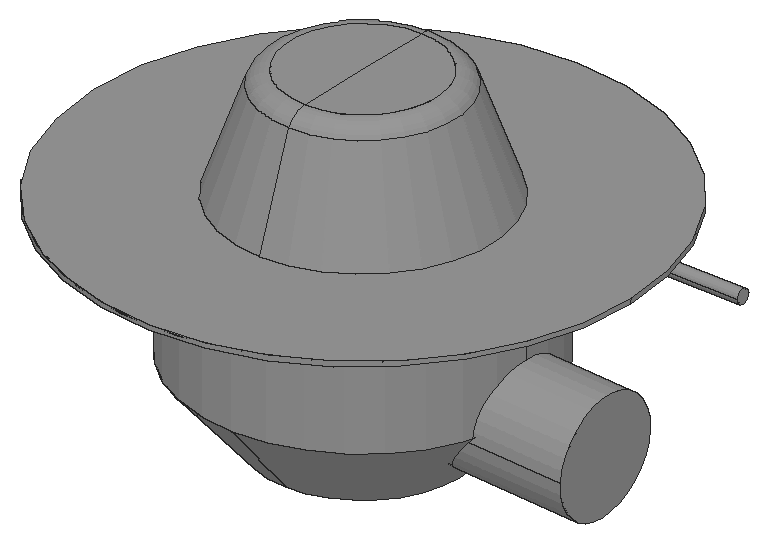
Revit family "HL_RU_Roof drain_HL64.1F-B-221103", category Sanitärinstallationen, Revit 2020
Family settings
  Bemaßung runder Anschluss = Durchmesser verwenden
  Teiletyp = Normal
  OmniClass-Nummer = 23.70.50.21.24.14
  OmniClass-Titel = Deck Waste Water Drains
  Arbeitsebenenbasiert = Nein
  Immer vertikal = Ja
  Beim Laden mit Abzugskörper schneiden = Nein
  Gemeinsam genutzt = Nein
  Raumberechnungspunkt = Ja
Parameters (values of type "HL_Кровельная воронка_HL64.1F_7")
  РЕШЁТКА = "Laubfangkorb d 145 mm"
  РАЗМЕР = "DN75"
  ПРОПУСКНАЯ СПОСОБНОСТЬ [instance] = 0.0 L/s
  ПРОИЗВОДИТЕЛЬНОСТЬ = "6,9l/s"
  ПРАВОВАЯ ИНФОРМАЦИЯ = "Авторские права(©), права на дизайн или какие либо другие права интелектуальной собственности являются исключительной собственностью компании HL Hutterer & Lechner. Изменению не подлежит. Файл семейства с данными о прозводителе изделия защищен паролем с водяным знаком."
  НОМИНАЛЬНЫЙ ДИАМЕТР = 75 mm
  МАТЕРИАЛ = "PP"
  ВЕС = "0,877 [kg]"
  Vorgabe-Ansicht = 0 mm
  Hersteller = "HL Hutterer & Lechner GmbH"  # constant formula
  URL = "http://www.hutterer-lechner.com/ru/products/catalog/roof-drains/HL64.1F/7.aspx"
  Материал плитка [instance] = none
  Lüftungsverbindung = no
  Abwasserrohrverbindung = yes
  HW-Verbindung = no
  KW-Verbindung = no
  Beschreibung = "Кровельные воронки"
  Model = "HL64.1F_7"
  Assembly Code = " "
  Typenkommentare = "HL64.1F/7 Кровельная воронка DN75, горизонтальный выпуск, с ПП_фланцем и электрообогревом (10_30W/230V),"
  Keynote = "HL64.1F_7"
  Bысота монтажа [instance] = 0 mm  # constant formula
  G [instance] = 90.00°  # constant formula
  EAN = "9003076031665"
  D [instance] = if(НОМИНАЛЬНЫЙ ДИАМЕТР = 75 mm, 162.8 mm, 178 mm)  # 162.8 mm
  C [instance] = if(Bысота монтажа - 68 mm < 0 mm, 0 mm, Bысота монтажа - 68 mm)  # 0 mm
  B [instance] = Bысота монтажа + if(НОМИНАЛЬНЫЙ ДИАМЕТР = 75 mm, 101 mm, 84 mm)  # 101 mm
  A [instance] = if(B - 100 mm > 15 mm, B - 100 mm, 15 mm)  # 15 mm
Types (3, lengths in mm): name | РАЗМЕР | ПРОИЗВОДИТЕЛЬНОСТЬ | НОМИНАЛЬНЫЙ ДИАМЕТР | ВЕС | URL | Model | Typenkommentare | Keynote | EAN | D | B
  (no name) | "DN75" | "6,9l/s" | 75 | "0,877 [kg]" | "http://www.hutterer-lechner.com/ru/products/catalog/roof-drains/HL64.1F/7.aspx" | "HL64.1F_7" | "HL64.1F/7 Кровельная воронка DN75, горизонтальный выпуск, с ПП_фланцем и электрообогревом (10_30W/230V)," | "HL64.1F_7" | "9003076031665" | 162.8 | 101
  HL_Кровельная воронка_HL64.1F_1 | "DN110" | "7,8l/s" | 110 | "0,988 [kg]" | "http://www.hutterer-lechner.com/ru/products/catalog/roof-drains/HL64.1F/1.aspx" | "HL64.1F_1" | "HL64.1F/1 Кровельная воронка DN110, горизонтальный выпуск, с ПП_фланцем и электрообогревом (10_30W/230V)," | "HL64.1F_1" | "9003076031641" | 178 | 84
  HL_Кровельная воронка_HL64.1F_7 | "DN75" | "6,9l/s" | 75 | "0,877 [kg]" | "http://www.hutterer-lechner.com/ru/products/catalog/roof-drains/HL64.1F/7.aspx" | "HL64.1F_7" | "HL64.1F/7 Кровельная воронка DN75, горизонтальный выпуск, с ПП_фланцем и электрообогревом (10_30W/230V)," | "HL64.1F_7" | "9003076031665" | 162.8 | 101
Reference planes
  plane 1 "Center (Front/Back)": y = 0
  plane 2: z = 0
  plane 3 "Center (Left/Right)": x = 0
  plane 4: z = -101
  plane 5: z = 0
Lines and regions (mm)
  model lines, style "InvisibleLines"
    curve 1: line (0, 0, 0) -> (0, 0, 20)
  model lines, style "PlumbingFixtures", detail levels coarse+medium
    curve 2: line (0, 0, -101) -> (0, 0, -86)
    curve 3: line (0, 0, -86) -> (-86, 0, 0)
    curve 4: line (0, 0, -86) -> (86, 0, 0)
    curve 6: line (0, 0, -101) -> (162.8, 0, -101)
  reference lines, not visible
    curve 5: line (0, 0, -101) -> (162.8, 0, -101)
  symbolic lines, style "PlumbingFixtures", detail levels coarse+medium
    curve 7: line (-75, 75, 0) -> (75, 75, 0)
    curve 8: line (-75, -75, 0) -> (-75, 75, 0)
    curve 9: line (75, -75, 0) -> (-75, -75, 0)
    curve 10: line (75, 75, 0) -> (75, -75, 0)
    curve 11: line (-75, 75, 0) -> (-145.711, 145.711, 0)
    curve 12: line (75, 75, 0) -> (145.711, 145.711, 0)
    curve 13: line (-75, -75, 0) -> (-145.711, -145.711, 0)
    curve 14: line (75, -75, 0) -> (145.711, -145.711, 0)
  symbolic lines, style "PlumbingFixtures", not visible, detail levels coarse+medium
    curve 15: line (-75, 75, 0) -> (75, 75, 0)
    curve 16: line (-75, -75, 0) -> (-75, 75, 0)
    curve 17: line (75, -75, 0) -> (-75, -75, 0)
    curve 18: line (75, 75, 0) -> (75, -75, 0)
    curve 19: line (-75, 75, 0) -> (-145.711, 145.711, 0)
    curve 20: line (75, 75, 0) -> (145.711, 145.711, 0)
    curve 21: line (-75, -75, 0) -> (-145.711, -145.711, 0)
    curve 22: line (75, -75, 0) -> (145.711, -145.711, 0)
Text (mm)
  text "FLOOR" at (-162.344, 0, -10.979), in view "Drain Construction View"
Dimensions and locks
  "B": plane 2 to plane 4
  "Bысота монтажа": plane 2 to plane 5
  "A": curve 4 to plane 4
  "D": curve 5 to curve 5
  "D": curve 6 to curve 6
  locked: curve 4 to plane 3 "Center (Left/Right)" (angle 45.00°)
  locked: plane 3 "Center (Left/Right)" to curve 3 (angle 45.00°)
  "G": angle curve 5 to plane 3 "Center (Left/Right)"
  aligned and locked: level to plane 2
  aligned and locked: plane 2 to curve 4
  aligned and locked: plane 2 to curve 3
  aligned and locked: plane 4 to curve 5
  aligned and locked: plane 3 "Center (Left/Right)" to curve 5
  aligned and locked: plane 4 to curve 2
  aligned and locked: plane 3 "Center (Left/Right)" to curve 6
  aligned and locked: plane 4 to curve 6
  aligned and locked: nested 1 to plane 5
  aligned and locked: plane 3 "Center (Left/Right)" to nested 1
  aligned and locked: plane 2 to nested 2
  aligned and locked: plane 3 "Center (Left/Right)" to nested 2
Automatic sketch dimensions
  curve 2 to plane 3 "Center (Left/Right)" = 0 mm
  curve 1 to plane 3 "Center (Left/Right)" = 0 mm
  curve 1 to level = 0 mm
  level to curve 1 = 20 mm
Nested families
  nested 1: "HL_кровельные воронки - корпус_HL64.1F" at (0, 0, 0.462), НОМИНАЛЬНЫЙ ДИАМЕТР <- "НОМИНАЛЬНЫЙ ДИАМЕТР", type "HL_кровельные воронки - корпус_HL64.1F"
    with НОМИНАЛЬНЫЙ ДИАМЕТР 75 mm, Q02 93.275 mm, Q 150 mm, L 163 mm, B 101.5 mm, A 93.5 mm
  nested 2: "HL_Вспомогательные материалы-Противопожарная защита_HL062.1E" at (0, 0, 0), type "HL_Вспомогательные материалы-Противопожарная защита_HL062.1E"
Connectors
  piping at (162.8, 0, -101), diameter 75, driven by "ПРОПУСКНАЯ СПОСОБНОСТЬ", driven by "НОМИНАЛЬНЫЙ ДИАМЕТР"
    settings: on curve 5, index 1, connector inside diameter 609.6 mm, connector length 0 mm, flow factor 0, pipe flow 0.0 L/s, pressure drop 0.0 Pa, fitting loss kfactor 0, connector angle 0.00°, fixture units 0, engagement length 0 mm, angle of deflection 0.00°, flow configuration 1, flow direction 2, fitting loss method 0, system type 16, joint type 0, gender type 0, connector reference index -1, connector utility 0, adjustable connector yes, is connector primary yes, connector description ""
Definition of nested family "HL_кровельные воронки - корпус_HL64.1F"
  Parameters (values of type "HL_кровельные воронки - корпус_HL64.1F")
    НОМИНАЛЬНЫЙ ДИАМЕТР [instance] = 110 mm
    Default Elevation = 0 mm
    Manufacturer = ""
    URL = ""
    Q02 [instance] = 93.275 mm
    Q [instance] = 150 mm
    Description = ""
    Model = ""
    L [instance] = if(НОМИНАЛЬНЫЙ ДИАМЕТР = 75 mm, 163 mm, if(НОМИНАЛЬНЫЙ ДИАМЕТР = 110 mm, 178 mm, 0 mm))  # 178 mm
    Type Comments = ""
    Cost = 0
    B [instance] = if(НОМИНАЛЬНЫЙ ДИАМЕТР = 75 mm, 101.5 mm, 84 mm)  # 84 mm
    A [instance] = if(НОМИНАЛЬНЫЙ ДИАМЕТР = 75 mm, 93.5 mm, 75 mm)  # 75 mm
  Reference planes
    plane 1 "Střed (vpředu/vzadu)": y = 0
    plane 2: z = 0
    plane 3 "Střed (vlevo/vpravo)": x = 0
  Forms (mm)
    Extrusion 1, solid, detail levels fine
      sketch origin (0.013, 0.012, 0) x (1, 0, 0) y (0, 1, 0)
        loop
          circle (0, 0) r 180
        loop
          circle (0, 0) r 78.913
      from -0.462 to -3.5
    Extrusion 2, solid, detail levels fine
      sketch origin (0.013, 0.012, -3.5) x (0, 1, 0) y (1, 0, 0)
        loop
          circle (0, 0) r 140
      from 0 to 18
    Extrusion 3, solid, detail levels fine
      sketch origin (0.013, 0.012, -21.5) x (-1, 0, 0) y (0, 1, 0)
        loop
          circle (0, 0) r 110
      from 0 to 73.906
    Blend 4, solid, detail levels fine
      base sketch origin (0.013, 0.012, -95.406) x (0, -1, 0) y (1, 0, 0)
        loop
          circle (0, 0) r 110
      top sketch origin (0.013, 0.012, -95.406) x (0, -1, 0) y (1, 0, 0)
        loop
          circle (0, 0) r 65
      from 0 to -53
    Revolve 5, void
      sketch origin (0.013, 0.012, 0) x (1, 0, 0) y (0, 0, 1)
        loop
          line (-78.913, 0) -> (-78.913, -16.281) -> (-74.694, -23.588) -> (-74.694, -24.914) -> (-75.511, -24.914) -> (-75.511, -30.304) -> (-64.679, -30.304) -> (-64.679, -32.804) -> (0, -32.804) -> (0, 0) -> (-78.913, 0)
        axis (0, 0) -> (0, -32.804)
      angle from 0 to 360
    Extrusion 6, solid, detail levels fine
      sketch origin (0, 0, 0) x (0, 1, 0) y (0, 0, 1)
        loop
          circle (70.204, -23.074) r 4.5
      from 55.926 to 199.171
    Extrusion 7, solid, detail levels fine
      sketch origin (179.265, 0, -54.515) x (0, -1, 0) y (-0.050562, 0, -0.998721)
        loop
          circle (0, 29.523) r 55
      from -0.044 to -100.795
  Cuts and joins
    Revolve 5 cuts Extrusion 1
    Revolve 5 cuts Extrusion 2
    Revolve 5 cuts Extrusion 3
  Lines and regions (mm)
    reference lines
      curve 1: line (0, 0, -75) -> (177.772, 0, -84)
  Dimensions and locks
    "B": plane 2 to curve 1
    "A": plane 2 to curve 1
    locked: curve 1 to plane 3 "Střed (vlevo/vpravo)" at 0
    "L": curve 1 to curve 1
    "НОМИНАЛЬНЫЙ ДИАМЕТР": diameter of Extrusion 7 sketch curve
    aligned and locked: level to plane 2
  Automatic sketch dimensions
    Extrusion 1 sketch curve to Extrusion 1 sketch curve = 0 mm  (x2)
    plane 3 "Střed (vlevo/vpravo)" to Extrusion 1 sketch curve = 0.013 mm
    Extrusion 1 sketch curve to plane 1 "Střed (vpředu/vzadu)" = 0.012 mm
    Revolve 5 sketch curve to level = 0 mm
    Revolve 5 sketch curve to plane 3 "Střed (vlevo/vpravo)" = 78.899 mm
    Revolve 5 sketch curve to Revolve 5 sketch curve = 3.401 mm
    Revolve 5 sketch curve to Revolve 5 sketch curve = 0.817 mm
    Revolve 5 sketch curve to Revolve 5 sketch curve = 10.833 mm
    plane 3 "Střed (vlevo/vpravo)" to Revolve 5 sketch curve = 0.013 mm  (x2)
    Revolve 5 sketch curve to level = 16.281 mm
    Revolve 5 sketch curve to Revolve 5 sketch curve = 7.307 mm
    Revolve 5 sketch curve to Revolve 5 sketch curve = 1.326 mm
    Revolve 5 sketch curve to Revolve 5 sketch curve = 5.39 mm
    Revolve 5 sketch curve to level = 32.804 mm
    level to Revolve 5 sketch curve = 25 mm
    Revolve 5 sketch curve to Revolve 5 sketch curve = 50 mm
    Extrusion 6 sketch curve to level = 23.074 mm
    Extrusion 6 sketch curve to plane 1 "Střed (vpředu/vzadu)" = 70.204 mm
    Extrusion 7 sketch curve to plane 1 "Střed (vpředu/vzadu)" = 0 mm
    radius of Extrusion 1 sketch curve = 180 mm
    radius of Extrusion 1 sketch curve = 78.913 mm
    radius of Extrusion 2 sketch curve to Extrusion 1 = 40 mm
    radius of Extrusion 3 sketch curve to Extrusion 2 = 30 mm
    radius of Blend 4 sketch curve to Extrusion 3 = 0 mm
    radius of Blend 4 sketch curve to Extrusion 3 = 45 mm
    radius of Extrusion 6 sketch curve = 4.5 mm
Definition of nested family "HL_Вспомогательные материалы-Противопожарная защита_HL062.1E"
  Parameters
    ПРАВОВАЯ ИНФОРМАЦИЯ = ""
    ВЕС = "0,097 [kg]"
    Default Elevation = 0 mm
    Manufacturer = ""
    URL = ""
    Материал плитка = none
    Description = ""
    Model = ""
    Type Comments = "HL062.1E, domed plastic grate"
    Keynote = ""
    Пропускная способность [instance] = 0.0 L/s
    EAN = "9003076006212"
    Cost = 0
  Types (2, lengths in mm): name | ПРАВОВАЯ ИНФОРМАЦИЯ | Manufacturer | URL | Description | Model | Type Comments | Keynote
    (no name) | "" | "" | "" | "" | "" | "HL062.1E, domed plastic grate" | ""
    HL_Вспомогательные материалы-Противопожарная защита_HL062.1E | "Авторские права(©), права на дизайн или какие либо другие права интелектуальной собственности являются исключительной собственностью компании HL Hutterer & Lechner. Изменению не подлежит. Файл семейства с данными о прозводителе изделия защищен паролем с водяным знаком." | "HL Hutterer & Lechner GmbH" | "http://www.hutterer-lechner.com/ru/products/catalog/roof-drains/HL062.1E.aspx" | "Кровельные воронки" | "HL062.1E" | "HL062.1E, Листвоуловитель" | "HL062.1E"
  Reference planes
    plane 1 "Střed (vpředu/vzadu)": y = 0
    plane 2: z = 0
    plane 3 "Střed (vlevo/vpravo)": x = 0
  Forms (mm)
    Revolve 1, solid, detail levels fine
      sketch origin (0, 0, 0) x (0, 1, 0) y (0, 0, 1)
        loop
          line (0, 75) -> (0, 60.2) -> (47.074, 60.2) -> (68.985, 0) -> (86.249, 0) -> (61.992, 66.646)
          arc (61.992, 66.646) -> (56.733, 72.731) -> (49.016, 75) r 14.255
          line (49.016, 75) -> (0, 75)
        axis (0, 75) -> (0, 0)
      angle from 0 to 360
    Extrusion 2, solid, detail levels fine
      sketch origin (0, 0, 0) x (0, 1, 0) y (1, 0, 0)
        loop
          circle (0, 0) r 78.587
        loop
          circle (0, 0) r 70.981
      from 0 to 16.7
    Extrusion 3, solid, detail levels fine
      sketch origin (0, 0, -16.7) x (-1, 0, 0) y (0, 1, 0)
        loop
          circle (0, 0) r 70
        loop
          circle (0, 0) r 74.546
      from 0 to 12.3
  Dimensions and locks
    aligned and locked: level to plane 2
